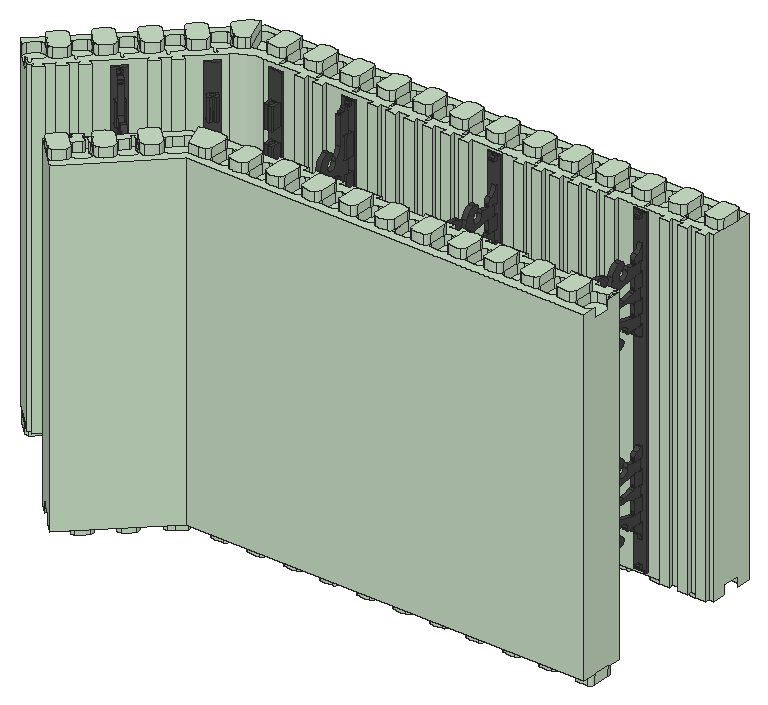
Revit family (continued)
Definition of nested family "6 inch Insert Web"
  Forms (mm)
    Extrusion 2, solid, material "Polypropylene- NUDURA"
      sketch origin (0, 0, 0) x (0, 1, 0) y (0, 0, 1)
        loop
          arc (63.5, 398.587) -> (61.744, 391.807) -> (56.918, 386.731) r 13.97
          arc (56.918, 386.731) -> (55.685, 385.301) -> (55.481, 383.425) r 3.175
          arc (55.481, 383.425) -> (44.176, 375.129) -> (45.002, 389.127) r 7.747
          arc (45.002, 389.127) -> (48.114, 396.391) -> (40.85, 399.503) r 5.588
          arc (40.85, 399.503) -> (31.859, 392.006) -> (28.999, 380.652) r 18.923
          arc (28.999, 380.652) -> (27.891, 370.113) -> (24.621, 360.032) r 50.8
          arc (24.621, 360.032) -> (11.944, 359.938) -> (16.15, 371.896) r 7.747
          arc (16.15, 371.896) -> (20.591, 377.594) -> (16.474, 383.531) r 6.096
          arc (16.474, 383.531) -> (8.351, 385.585) -> (0, 386.276) r 50.8
          arc (0, 386.276) -> (-8.351, 385.585) -> (-16.474, 383.531) r 50.8
          arc (-16.474, 383.531) -> (-20.591, 377.594) -> (-16.15, 371.896) r 6.096
          arc (-16.15, 371.896) -> (-11.944, 359.938) -> (-24.621, 360.032) r 7.747
          arc (-24.621, 360.032) -> (-27.891, 370.113) -> (-28.999, 380.652) r 50.8
          arc (-28.999, 380.652) -> (-31.859, 392.006) -> (-40.85, 399.503) r 18.923
          arc (-40.85, 399.503) -> (-48.114, 396.391) -> (-45.002, 389.127) r 5.588
          arc (-45.002, 389.127) -> (-44.176, 375.129) -> (-55.481, 383.425) r 7.747
          arc (-55.481, 383.425) -> (-55.685, 385.301) -> (-56.918, 386.731) r 3.175
          arc (-56.918, 386.731) -> (-61.744, 391.807) -> (-63.5, 398.587) r 13.97
          line (-63.5, 398.587) -> (-63.5, 437.076) -> (-66.04, 437.076) -> (-66.04, 437.865)
          arc (-66.04, 437.865) -> (-66.404, 438.744) -> (-67.283, 439.108) r 1.243
          line (-67.283, 439.108) -> (-70.513, 439.108) -> (-71.755, 442.918)
          arc (-71.755, 442.918) -> (-73.025, 443.68) -> (-74.295, 442.918) r 1.439
          line (-74.295, 442.918) -> (-76.2, 437.076) -> (-76.2, 16.896) -> (-74.295, 11.054)
          arc (-74.295, 11.054) -> (-73.025, 10.292) -> (-71.755, 11.054) r 1.439
          line (-71.755, 11.054) -> (-70.513, 14.864) -> (-67.283, 14.864)
          arc (-67.283, 14.864) -> (-66.404, 15.228) -> (-66.04, 16.107) r 1.243
          line (-66.04, 16.107) -> (-66.04, 16.896) -> (-63.5, 16.896) -> (-63.5, 55.385)
          arc (-63.5, 55.385) -> (-61.744, 62.165) -> (-56.918, 67.242) r 13.97
          arc (-56.918, 67.242) -> (-55.685, 68.671) -> (-55.481, 70.547) r 3.175
          arc (-55.481, 70.547) -> (-44.176, 78.843) -> (-45.002, 64.845) r 7.747
          arc (-45.002, 64.845) -> (-48.114, 57.581) -> (-40.85, 54.469) r 5.588
          arc (-40.85, 54.469) -> (-31.859, 61.967) -> (-28.999, 73.32) r 18.923
          arc (-28.999, 73.32) -> (-27.891, 83.859) -> (-24.621, 93.94) r 50.8
          arc (-24.621, 93.94) -> (-11.944, 94.034) -> (-16.15, 82.076) r 7.747
          arc (-16.15, 82.076) -> (-20.591, 76.378) -> (-16.474, 70.441) r 6.096
          arc (-16.474, 70.441) -> (-8.351, 68.387) -> (0, 67.696) r 50.8
          arc (0, 67.696) -> (8.351, 68.387) -> (16.474, 70.441) r 50.8
          arc (16.474, 70.441) -> (20.591, 76.378) -> (16.15, 82.076) r 6.096
          arc (16.15, 82.076) -> (11.944, 94.034) -> (24.621, 93.94) r 7.747
          arc (24.621, 93.94) -> (27.891, 83.859) -> (28.999, 73.32) r 50.8
          arc (28.999, 73.32) -> (31.859, 61.967) -> (40.85, 54.469) r 18.923
          arc (40.85, 54.469) -> (48.114, 57.581) -> (45.002, 64.845) r 5.588
          arc (45.002, 64.845) -> (44.176, 78.843) -> (55.481, 70.547) r 7.747
          arc (55.481, 70.547) -> (55.685, 68.671) -> (56.918, 67.242) r 3.175
          arc (56.918, 67.242) -> (61.744, 62.165) -> (63.5, 55.385) r 13.97
          line (63.5, 55.385) -> (63.5, 16.896) -> (66.04, 16.896) -> (66.04, 16.107)
          arc (66.04, 16.107) -> (66.404, 15.228) -> (67.283, 14.864) r 1.243
          line (67.283, 14.864) -> (70.513, 14.864) -> (71.755, 11.054)
          arc (71.755, 11.054) -> (73.025, 10.292) -> (74.295, 11.054) r 1.439
          line (74.295, 11.054) -> (76.2, 16.896) -> (76.2, 437.076)
        loop
          line (9.461, 325.824) -> (50.8, 325.824)
          arc (50.8, 325.824) -> (59.78, 329.544) -> (63.5, 338.524) r 12.7
          line (63.5, 338.524) -> (63.5, 360.069)
          arc (63.5, 360.069) -> (60.558, 365.427) -> (54.458, 365.821) r 6.35
          line (54.458, 365.821) -> (24.225, 351.671)
          arc (24.225, 351.671) -> (17.004, 348.871) -> (9.471, 347.073) r 57.15
          arc (9.471, 347.073) -> (3.777, 343.832) -> (1.524, 337.68) r 9.525
          line (1.524, 337.68) -> (1.524, 333.762)
          arc (1.524, 333.762) -> (3.849, 328.149) -> (9.461, 325.824) r 7.937
        loop
          arc (-1.524, 337.68) -> (-3.777, 343.832) -> (-9.471, 347.073) r 9.525
          arc (-9.471, 347.073) -> (-17.004, 348.871) -> (-24.225, 351.671) r 57.15
          line (-24.225, 351.671) -> (-54.458, 365.821)
          arc (-54.458, 365.821) -> (-60.558, 365.427) -> (-63.5, 360.069) r 6.35
          line (-63.5, 360.069) -> (-63.5, 338.524)
          arc (-63.5, 338.524) -> (-59.78, 329.544) -> (-50.8, 325.824) r 12.7
          line (-50.8, 325.824) -> (-9.462, 325.824)
          arc (-9.462, 325.824) -> (-3.849, 328.149) -> (-1.524, 333.762) r 7.938
          line (-1.524, 333.762) -> (-1.524, 337.68)
        loop
          line (-63.5, 308.552) -> (-63.5, 287.007)
          arc (-63.5, 287.007) -> (-60.558, 281.649) -> (-54.458, 281.256) r 6.35
          line (-54.458, 281.256) -> (-24.225, 295.405)
          arc (-24.225, 295.405) -> (-17.004, 298.205) -> (-9.471, 300.003) r 57.15
          arc (-9.471, 300.003) -> (-3.777, 303.244) -> (-1.524, 309.396) r 9.525
          line (-1.524, 309.396) -> (-1.524, 313.315)
          arc (-1.524, 313.315) -> (-3.849, 318.927) -> (-9.462, 321.252) r 7.938
          line (-9.462, 321.252) -> (-50.8, 321.252)
          arc (-50.8, 321.252) -> (-59.78, 317.532) -> (-63.5, 308.552) r 12.7
        loop
          line (1.524, 313.315) -> (1.524, 309.396)
          arc (1.524, 309.396) -> (3.777, 303.244) -> (9.471, 300.003) r 9.525
          arc (9.471, 300.003) -> (17.004, 298.205) -> (24.225, 295.405) r 57.15
          line (24.225, 295.405) -> (54.458, 281.256)
          arc (54.458, 281.256) -> (60.558, 281.649) -> (63.5, 287.007) r 6.35
          line (63.5, 287.007) -> (63.5, 308.552)
          arc (63.5, 308.552) -> (59.78, 317.532) -> (50.8, 321.252) r 12.7
          line (50.8, 321.252) -> (9.461, 321.252)
          arc (9.461, 321.252) -> (3.849, 318.927) -> (1.524, 313.315) r 7.937
        loop
          line (-63.5, 234.92) -> (-60.452, 229.84) -> (-60.452, 226.986) -> (-60.452, 224.132) -> (-63.5, 219.052) -> (-63.5, 190.074)
          arc (-63.5, 190.074) -> (-61.516, 183.258) -> (-56.183, 178.572) r 12.7
          line (-56.183, 178.572) -> (-24.225, 163.615)
          arc (-24.225, 163.615) -> (-12.408, 159.59) -> (0, 158.227) r 57.15
          arc (0, 158.227) -> (12.408, 159.59) -> (24.225, 163.615) r 57.15
          line (24.225, 163.615) -> (56.183, 178.572)
          arc (56.183, 178.572) -> (61.516, 183.258) -> (63.5, 190.074) r 12.7
          line (63.5, 190.074) -> (63.5, 219.052) -> (60.452, 224.132) -> (60.452, 226.986) -> (60.452, 229.84) -> (63.5, 234.92) -> (63.5, 263.898)
          arc (63.5, 263.898) -> (61.516, 270.714) -> (56.183, 275.4) r 12.7
          line (56.183, 275.4) -> (24.225, 290.357)
          arc (24.225, 290.357) -> (12.408, 294.382) -> (0, 295.745) r 57.15
          arc (0, 295.745) -> (-12.408, 294.382) -> (-24.225, 290.357) r 57.15
          line (-24.225, 290.357) -> (-56.183, 275.4)
          arc (-56.183, 275.4) -> (-61.516, 270.714) -> (-63.5, 263.898) r 12.7
          line (-63.5, 263.898) -> (-63.5, 234.92)
        loop
          line (-63.5, 166.965) -> (-63.5, 145.42)
          arc (-63.5, 145.42) -> (-59.78, 136.44) -> (-50.8, 132.72) r 12.7
          line (-50.8, 132.72) -> (-9.462, 132.72)
          arc (-9.462, 132.72) -> (-3.849, 135.045) -> (-1.524, 140.657) r 7.938
          line (-1.524, 140.657) -> (-1.524, 144.576)
          arc (-1.524, 144.576) -> (-3.777, 150.728) -> (-9.471, 153.969) r 9.525
          arc (-9.471, 153.969) -> (-17.004, 155.767) -> (-24.225, 158.567) r 57.15
          line (-24.225, 158.567) -> (-54.458, 172.716)
          arc (-54.458, 172.716) -> (-60.558, 172.323) -> (-63.5, 166.965) r 6.35
        loop
          line (9.461, 132.72) -> (50.8, 132.72)
          arc (50.8, 132.72) -> (59.78, 136.44) -> (63.5, 145.42) r 12.7
          line (63.5, 145.42) -> (63.5, 166.965)
          arc (63.5, 166.965) -> (60.558, 172.323) -> (54.458, 172.716) r 6.35
          line (54.458, 172.716) -> (24.225, 158.567)
          arc (24.225, 158.567) -> (17.004, 155.767) -> (9.471, 153.969) r 57.15
          arc (9.471, 153.969) -> (3.777, 150.728) -> (1.524, 144.576) r 9.525
          line (1.524, 144.576) -> (1.524, 140.657)
          arc (1.524, 140.657) -> (3.849, 135.045) -> (9.461, 132.72) r 7.937
        loop
          line (1.524, 120.21) -> (1.524, 116.292)
          arc (1.524, 116.292) -> (3.777, 110.14) -> (9.471, 106.899) r 9.525
          arc (9.471, 106.899) -> (17.004, 105.101) -> (24.225, 102.301) r 57.15
          line (24.225, 102.301) -> (54.458, 88.151)
          arc (54.458, 88.151) -> (60.558, 88.545) -> (63.5, 93.903) r 6.35
          line (63.5, 93.903) -> (63.5, 115.448)
          arc (63.5, 115.448) -> (59.78, 124.428) -> (50.8, 128.148) r 12.7
          line (50.8, 128.148) -> (9.461, 128.148)
          arc (9.461, 128.148) -> (3.849, 125.823) -> (1.524, 120.21) r 7.937
        loop
          line (-1.524, 116.292) -> (-1.524, 120.21)
          arc (-1.524, 120.21) -> (-3.849, 125.823) -> (-9.462, 128.148) r 7.938
          line (-9.462, 128.148) -> (-50.8, 128.148)
          arc (-50.8, 128.148) -> (-59.78, 124.428) -> (-63.5, 115.448) r 12.7
          line (-63.5, 115.448) -> (-63.5, 93.903)
          arc (-63.5, 93.903) -> (-60.558, 88.545) -> (-54.458, 88.151) r 6.35
          line (-54.458, 88.151) -> (-24.225, 102.301)
          arc (-24.225, 102.301) -> (-17.004, 105.101) -> (-9.471, 106.899) r 57.15
          arc (-9.471, 106.899) -> (-3.777, 110.14) -> (-1.524, 116.292) r 9.525
      from 3.175 to -3.175
    Extrusion 3, solid, material "High Density Polystyrene- NUDURA"
      sketch origin (0, 0, 0) x (0, 1, 0) y (0, 0, 1)
        loop
          line (81.534, 410.919) -> (68.834, 410.919) -> (68.834, 380.439) -> (81.534, 380.439) -> (81.534, 410.919)
        loop
          line (81.534, 361.389) -> (68.834, 361.389) -> (68.834, 330.909) -> (81.534, 330.909) -> (81.534, 361.389)
        loop
          line (81.534, 311.859) -> (68.834, 311.859) -> (68.834, 281.379) -> (81.534, 281.379) -> (81.534, 311.859)
        loop
          line (81.534, 262.329) -> (68.834, 262.329) -> (68.834, 234.897) -> (81.534, 234.897) -> (81.534, 262.329)
        loop
          line (81.534, 215.847) -> (68.834, 215.847) -> (68.834, 188.415) -> (81.534, 188.415) -> (81.534, 215.847)
        loop
          line (81.534, 169.365) -> (68.834, 169.365) -> (68.834, 138.885) -> (81.534, 138.885) -> (81.534, 169.365)
        loop
          line (81.534, 119.835) -> (68.834, 119.835) -> (68.834, 89.355) -> (81.534, 89.355) -> (81.534, 119.835)
        loop
          line (81.534, 70.305) -> (68.834, 70.305) -> (68.834, 39.825) -> (81.534, 39.825) -> (81.534, 70.305)
        loop
          line (-81.534, 410.919) -> (-81.534, 380.439) -> (-68.834, 380.439) -> (-68.834, 410.919) -> (-81.534, 410.919)
        loop
          line (-81.534, 361.389) -> (-81.534, 330.909) -> (-68.834, 330.909) -> (-68.834, 361.389) -> (-81.534, 361.389)
        loop
          line (-81.534, 311.859) -> (-81.534, 281.379) -> (-68.834, 281.379) -> (-68.834, 311.859) -> (-81.534, 311.859)
        loop
          line (-81.534, 262.329) -> (-81.534, 234.897) -> (-68.834, 234.897) -> (-68.834, 262.329) -> (-81.534, 262.329)
        loop
          line (-81.534, 215.847) -> (-81.534, 188.415) -> (-68.834, 188.415) -> (-68.834, 215.847) -> (-81.534, 215.847)
        loop
          line (-81.534, 169.365) -> (-81.534, 138.885) -> (-68.834, 138.885) -> (-68.834, 169.365) -> (-81.534, 169.365)
        loop
          line (-81.534, 119.835) -> (-81.534, 89.355) -> (-68.834, 89.355) -> (-68.834, 119.835) -> (-81.534, 119.835)
        loop
          line (-81.534, 70.305) -> (-81.534, 39.825) -> (-68.834, 39.825) -> (-68.834, 70.305) -> (-81.534, 70.305)
      from 6.35 to -6.35
    Extrusion 4, void
      sketch origin (0, 0, 0) x (1, 0, 0) y (0, 1, 0)
        loop
          line (-6.35, 70.929) -> (-6.35, 68.834) -> (-4.255, 68.834)
          arc (-4.255, 68.834) -> (-5.736, 69.448) -> (-6.35, 70.929) r 2.095
      from 0 to 457.2
    Extrusion 5, void
      sketch origin (0, 0, 0) x (-1, 0, 0) y (0, -1, 0)
        loop
          arc (-6.35, -70.929) -> (-5.736, -69.448) -> (-4.255, -68.834) r 2.095
          line (-4.255, -68.834) -> (-6.35, -68.834) -> (-6.35, -70.929)
      from 0 to 457.2
    Extrusion 6, void
      sketch origin (0, 0, 0) x (1, 0, 0) y (0, 1, 0)
        loop
          arc (-6.35, -70.929) -> (-5.736, -69.448) -> (-4.255, -68.834) r 2.095
          line (-4.255, -68.834) -> (-6.35, -68.834) -> (-6.35, -70.929)
      from 0 to 457.2
    Extrusion 7, void
      sketch origin (0, 0, 0) x (-1, 0, 0) y (0, -1, 0)
        loop
          line (-6.35, 70.929) -> (-6.35, 68.834) -> (-4.255, 68.834)
          arc (-4.255, 68.834) -> (-5.736, 69.448) -> (-6.35, 70.929) r 2.095
      from 0 to 457.2
  Cuts and joins
    Extrusion 4, Extrusion 5, Extrusion 6, Extrusion 7 cuts Extrusion 1
    Extrusion 4, Extrusion 5, Extrusion 6, Extrusion 7 cuts Extrusion 3
Definition of nested family "NUDURA Diamond Pattern"
  Reference planes
    plane 1 "Center (Front/Back)": y = 0
    plane 2: z = 0
    plane 3 "Center (Left/Right)": x = 0
    plane 4: z = 457.2
  Lines and regions (mm)
    model lines
      curve 1: line (203.2, -142.875, 457.2) -> (203.2, -142.875, 0)
      curve 2: line (152.4, -142.875, 457.2) -> (152.4, -142.875, 0)
      curve 3: line (50.8, -142.875, 457.2) -> (50.8, -142.875, 0)
      curve 4: line (85.183, -142.875, 431.415) -> (93.906, -142.875, 422.692)
      curve 5: arc (85.183, -142.875, 444.885) -> (82.394, -142.875, 438.15) -> (85.183, -142.875, 431.415) r 9.525
      curve 6: line (94.708, -142.875, 454.41) -> (85.183, -142.875, 444.885)
      curve 7: arc (108.179, -142.875, 454.41) -> (101.444, -142.875, 457.2) -> (94.708, -142.875, 454.41) r 9.525
      curve 8: line (117.704, -142.875, 444.885) -> (108.179, -142.875, 454.41)
      curve 9: arc (117.704, -142.875, 431.415) -> (120.494, -142.875, 438.15) -> (117.704, -142.875, 444.885) r 9.525
      curve 10: line (108.981, -142.875, 422.692) -> (117.704, -142.875, 431.415)
      curve 11: arc (105.934, -142.875, 452.165) -> (101.444, -142.875, 454.025) -> (96.953, -142.875, 452.165) r 6.35
      curve 12: line (115.459, -142.875, 442.64) -> (105.934, -142.875, 452.165)
      curve 13: arc (115.459, -142.875, 433.66) -> (117.319, -142.875, 438.15) -> (115.459, -142.875, 442.64) r 6.35
      curve 14: line (105.934, -142.875, 424.135) -> (115.459, -142.875, 433.66)
      curve 15: arc (96.953, -142.875, 424.135) -> (101.444, -142.875, 422.275) -> (105.934, -142.875, 424.135) r 6.35
      curve 16: line (87.428, -142.875, 433.66) -> (96.953, -142.875, 424.135)
      curve 17: arc (87.428, -142.875, 442.64) -> (85.569, -142.875, 438.15) -> (87.428, -142.875, 433.66) r 6.35
      curve 18: line (96.953, -142.875, 452.165) -> (87.428, -142.875, 442.64)
      curve 19: arc (93.906, -142.875, 415.508) -> (95.394, -142.875, 419.1) -> (93.906, -142.875, 422.692) r 5.08
      curve 20: line (117.704, -142.875, 406.785) -> (108.981, -142.875, 415.508)
      curve 21: arc (117.704, -142.875, 393.315) -> (120.494, -142.875, 400.05) -> (117.704, -142.875, 406.785) r 9.525
      curve 22: line (108.981, -142.875, 384.592) -> (117.704, -142.875, 393.315)
      curve 23: line (85.183, -142.875, 393.315) -> (93.906, -142.875, 384.592)
      curve 24: arc (85.183, -142.875, 406.785) -> (82.394, -142.875, 400.05) -> (85.183, -142.875, 393.315) r 9.525
      curve 25: line (93.906, -142.875, 415.508) -> (85.183, -142.875, 406.785)
      curve 26: arc (105.934, -142.875, 414.065) -> (101.444, -142.875, 415.925) -> (96.953, -142.875, 414.065) r 6.35
      curve 27: line (96.953, -142.875, 414.065) -> (87.428, -142.875, 404.54)
      curve 28: arc (87.428, -142.875, 404.54) -> (85.569, -142.875, 400.05) -> (87.428, -142.875, 395.56) r 6.35
      curve 29: line (87.428, -142.875, 395.56) -> (96.953, -142.875, 386.035)
      curve 30: arc (96.953, -142.875, 386.035) -> (101.444, -142.875, 384.175) -> (105.934, -142.875, 386.035) r 6.35
      curve 31: line (105.934, -142.875, 386.035) -> (115.459, -142.875, 395.56)
      curve 32: arc (115.459, -142.875, 395.56) -> (117.319, -142.875, 400.05) -> (115.459, -142.875, 404.54) r 6.35
      curve 33: line (115.459, -142.875, 404.54) -> (105.934, -142.875, 414.065)
      curve 34: arc (93.906, -142.875, 377.408) -> (95.394, -142.875, 381) -> (93.906, -142.875, 384.592) r 5.08
      curve 35: line (117.704, -142.875, 368.685) -> (108.981, -142.875, 377.408)
      curve 36: arc (117.704, -142.875, 355.215) -> (120.494, -142.875, 361.95) -> (117.704, -142.875, 368.685) r 9.525
      curve 37: line (108.981, -142.875, 346.492) -> (117.704, -142.875, 355.215)
      curve 38: line (85.183, -142.875, 355.215) -> (93.906, -142.875, 346.492)
      curve 39: arc (85.183, -142.875, 368.685) -> (82.394, -142.875, 361.95) -> (85.183, -142.875, 355.215) r 9.525
      curve 40: line (93.906, -142.875, 377.408) -> (85.183, -142.875, 368.685)
      curve 41: arc (105.934, -142.875, 375.965) -> (101.444, -142.875, 377.825) -> (96.953, -142.875, 375.965) r 6.35
      curve 42: line (96.953, -142.875, 375.965) -> (87.428, -142.875, 366.44)
      curve 43: arc (87.428, -142.875, 366.44) -> (85.569, -142.875, 361.95) -> (87.428, -142.875, 357.46) r 6.35
      curve 44: line (87.428, -142.875, 357.46) -> (96.953, -142.875, 347.935)
      curve 45: arc (96.953, -142.875, 347.935) -> (101.444, -142.875, 346.075) -> (105.934, -142.875, 347.935) r 6.35
      curve 46: line (105.934, -142.875, 347.935) -> (115.459, -142.875, 357.46)
      curve 47: arc (115.459, -142.875, 357.46) -> (117.319, -142.875, 361.95) -> (115.459, -142.875, 366.44) r 6.35
      curve 48: line (115.459, -142.875, 366.44) -> (105.934, -142.875, 375.965)
      curve 49: arc (93.906, -142.875, 339.308) -> (95.394, -142.875, 342.9) -> (93.906, -142.875, 346.492) r 5.08
      curve 50: line (117.704, -142.875, 330.585) -> (108.981, -142.875, 339.308)
      curve 51: arc (117.704, -142.875, 317.115) -> (120.494, -142.875, 323.85) -> (117.704, -142.875, 330.585) r 9.525
      curve 52: line (108.981, -142.875, 308.392) -> (117.704, -142.875, 317.115)
      curve 53: line (85.183, -142.875, 317.115) -> (93.906, -142.875, 308.392)
      curve 54: arc (85.183, -142.875, 330.585) -> (82.394, -142.875, 323.85) -> (85.183, -142.875, 317.115) r 9.525
      curve 55: line (93.906, -142.875, 339.308) -> (85.183, -142.875, 330.585)
      curve 56: arc (105.934, -142.875, 337.865) -> (101.444, -142.875, 339.725) -> (96.953, -142.875, 337.865) r 6.35
      curve 57: line (96.953, -142.875, 337.865) -> (87.428, -142.875, 328.34)
      curve 58: arc (87.428, -142.875, 328.34) -> (85.569, -142.875, 323.85) -> (87.428, -142.875, 319.36) r 6.35
      curve 59: line (87.428, -142.875, 319.36) -> (96.953, -142.875, 309.835)
      curve 60: arc (96.953, -142.875, 309.835) -> (101.444, -142.875, 307.975) -> (105.934, -142.875, 309.835) r 6.35
      curve 61: line (105.934, -142.875, 309.835) -> (115.459, -142.875, 319.36)
      curve 62: arc (115.459, -142.875, 319.36) -> (117.319, -142.875, 323.85) -> (115.459, -142.875, 328.34) r 6.35
      curve 63: line (115.459, -142.875, 328.34) -> (105.934, -142.875, 337.865)
      curve 64: arc (93.906, -142.875, 301.208) -> (95.394, -142.875, 304.8) -> (93.906, -142.875, 308.392) r 5.08
      curve 65: line (117.704, -142.875, 292.485) -> (108.981, -142.875, 301.208)
      curve 66: arc (117.704, -142.875, 279.015) -> (120.494, -142.875, 285.75) -> (117.704, -142.875, 292.485) r 9.525
      curve 67: line (108.981, -142.875, 270.292) -> (117.704, -142.875, 279.015)
      curve 68: line (85.183, -142.875, 279.015) -> (93.906, -142.875, 270.292)
      curve 69: arc (85.183, -142.875, 292.485) -> (82.394, -142.875, 285.75) -> (85.183, -142.875, 279.015) r 9.525
      curve 70: line (93.906, -142.875, 301.208) -> (85.183, -142.875, 292.485)
      curve 71: arc (105.934, -142.875, 299.765) -> (101.444, -142.875, 301.625) -> (96.953, -142.875, 299.765) r 6.35
      curve 72: line (96.953, -142.875, 299.765) -> (87.428, -142.875, 290.24)
      curve 73: arc (87.428, -142.875, 290.24) -> (85.569, -142.875, 285.75) -> (87.428, -142.875, 281.26) r 6.35
      curve 74: line (87.428, -142.875, 281.26) -> (96.953, -142.875, 271.735)
      curve 75: arc (96.953, -142.875, 271.735) -> (101.444, -142.875, 269.875) -> (105.934, -142.875, 271.735) r 6.35
      curve 76: line (105.934, -142.875, 271.735) -> (115.459, -142.875, 281.26)
      curve 77: arc (115.459, -142.875, 281.26) -> (117.319, -142.875, 285.75) -> (115.459, -142.875, 290.24) r 6.35
      curve 78: line (115.459, -142.875, 290.24) -> (105.934, -142.875, 299.765)
      curve 79: arc (93.906, -142.875, 263.108) -> (95.394, -142.875, 266.7) -> (93.906, -142.875, 270.292) r 5.08
      curve 80: line (117.704, -142.875, 254.385) -> (108.981, -142.875, 263.108)
      curve 81: arc (117.704, -142.875, 240.915) -> (120.494, -142.875, 247.65) -> (117.704, -142.875, 254.385) r 9.525
      curve 82: line (108.981, -142.875, 232.192) -> (117.704, -142.875, 240.915)
      curve 83: line (85.183, -142.875, 240.915) -> (93.906, -142.875, 232.192)
      curve 84: arc (85.183, -142.875, 254.385) -> (82.394, -142.875, 247.65) -> (85.183, -142.875, 240.915) r 9.525
      curve 85: line (93.906, -142.875, 263.108) -> (85.183, -142.875, 254.385)
      curve 86: arc (105.934, -142.875, 261.665) -> (101.444, -142.875, 263.525) -> (96.953, -142.875, 261.665) r 6.35
      curve 87: line (96.953, -142.875, 261.665) -> (87.428, -142.875, 252.14)
      curve 88: arc (87.428, -142.875, 252.14) -> (85.569, -142.875, 247.65) -> (87.428, -142.875, 243.16) r 6.35
      curve 89: line (87.428, -142.875, 243.16) -> (96.953, -142.875, 233.635)
      curve 90: arc (96.953, -142.875, 233.635) -> (101.444, -142.875, 231.775) -> (105.934, -142.875, 233.635) r 6.35
      curve 91: line (105.934, -142.875, 233.635) -> (115.459, -142.875, 243.16)
      curve 92: arc (115.459, -142.875, 243.16) -> (117.319, -142.875, 247.65) -> (115.459, -142.875, 252.14) r 6.35
      curve 93: line (115.459, -142.875, 252.14) -> (105.934, -142.875, 261.665)
      curve 94: arc (93.906, -142.875, 225.008) -> (95.394, -142.875, 228.6) -> (93.906, -142.875, 232.192) r 5.08
      curve 95: line (117.704, -142.875, 216.285) -> (108.981, -142.875, 225.008)
      curve 96: arc (117.704, -142.875, 202.815) -> (120.494, -142.875, 209.55) -> (117.704, -142.875, 216.285) r 9.525
      curve 97: line (108.981, -142.875, 194.092) -> (117.704, -142.875, 202.815)
      curve 98: line (85.183, -142.875, 202.815) -> (93.906, -142.875, 194.092)
      curve 99: arc (85.183, -142.875, 216.285) -> (82.394, -142.875, 209.55) -> (85.183, -142.875, 202.815) r 9.525
      curve 100: line (93.906, -142.875, 225.008) -> (85.183, -142.875, 216.285)
      curve 101: arc (105.934, -142.875, 223.565) -> (101.444, -142.875, 225.425) -> (96.953, -142.875, 223.565) r 6.35
      curve 102: line (96.953, -142.875, 223.565) -> (87.428, -142.875, 214.04)
      curve 103: arc (87.428, -142.875, 214.04) -> (85.569, -142.875, 209.55) -> (87.428, -142.875, 205.06) r 6.35
      curve 104: line (87.428, -142.875, 205.06) -> (96.953, -142.875, 195.535)
      curve 105: arc (96.953, -142.875, 195.535) -> (101.444, -142.875, 193.675) -> (105.934, -142.875, 195.535) r 6.35
      curve 106: line (105.934, -142.875, 195.535) -> (115.459, -142.875, 205.06)
      curve 107: arc (115.459, -142.875, 205.06) -> (117.319, -142.875, 209.55) -> (115.459, -142.875, 214.04) r 6.35
      curve 108: line (115.459, -142.875, 214.04) -> (105.934, -142.875, 223.565)
      curve 109: arc (93.906, -142.875, 186.908) -> (95.394, -142.875, 190.5) -> (93.906, -142.875, 194.092) r 5.08
      curve 110: line (117.704, -142.875, 178.185) -> (108.981, -142.875, 186.908)
      curve 111: arc (117.704, -142.875, 164.715) -> (120.494, -142.875, 171.45) -> (117.704, -142.875, 178.185) r 9.525
      curve 112: line (108.981, -142.875, 155.992) -> (117.704, -142.875, 164.715)
      curve 113: line (85.183, -142.875, 164.715) -> (93.906, -142.875, 155.992)
      curve 114: arc (85.183, -142.875, 178.185) -> (82.394, -142.875, 171.45) -> (85.183, -142.875, 164.715) r 9.525
      curve 115: line (93.906, -142.875, 186.908) -> (85.183, -142.875, 178.185)
      curve 116: arc (105.934, -142.875, 185.465) -> (101.444, -142.875, 187.325) -> (96.953, -142.875, 185.465) r 6.35
      curve 117: line (96.953, -142.875, 185.465) -> (87.428, -142.875, 175.94)
      curve 118: arc (87.428, -142.875, 175.94) -> (85.569, -142.875, 171.45) -> (87.428, -142.875, 166.96) r 6.35
      curve 119: line (87.428, -142.875, 166.96) -> (96.953, -142.875, 157.435)
      curve 120: arc (96.953, -142.875, 157.435) -> (101.444, -142.875, 155.575) -> (105.934, -142.875, 157.435) r 6.35
      curve 121: line (105.934, -142.875, 157.435) -> (115.459, -142.875, 166.96)
      curve 122: arc (115.459, -142.875, 166.96) -> (117.319, -142.875, 171.45) -> (115.459, -142.875, 175.94) r 6.35
      curve 123: line (115.459, -142.875, 175.94) -> (105.934, -142.875, 185.465)
      curve 124: arc (93.906, -142.875, 148.808) -> (95.394, -142.875, 152.4) -> (93.906, -142.875, 155.992) r 5.08
      curve 125: line (117.704, -142.875, 140.085) -> (108.981, -142.875, 148.808)
      curve 126: arc (117.704, -142.875, 126.615) -> (120.494, -142.875, 133.35) -> (117.704, -142.875, 140.085) r 9.525
      curve 127: line (108.981, -142.875, 117.892) -> (117.704, -142.875, 126.615)
      curve 128: line (85.183, -142.875, 126.615) -> (93.906, -142.875, 117.892)
      curve 129: arc (85.183, -142.875, 140.085) -> (82.394, -142.875, 133.35) -> (85.183, -142.875, 126.615) r 9.525
      curve 130: line (93.906, -142.875, 148.808) -> (85.183, -142.875, 140.085)
      curve 131: arc (105.934, -142.875, 147.365) -> (101.444, -142.875, 149.225) -> (96.953, -142.875, 147.365) r 6.35
      curve 132: line (96.953, -142.875, 147.365) -> (87.428, -142.875, 137.84)
      curve 133: arc (87.428, -142.875, 137.84) -> (85.569, -142.875, 133.35) -> (87.428, -142.875, 128.86) r 6.35
      curve 134: line (87.428, -142.875, 128.86) -> (96.953, -142.875, 119.335)
      curve 135: arc (96.953, -142.875, 119.335) -> (101.444, -142.875, 117.475) -> (105.934, -142.875, 119.335) r 6.35
      curve 136: line (105.934, -142.875, 119.335) -> (115.459, -142.875, 128.86)
      curve 137: arc (115.459, -142.875, 128.86) -> (117.319, -142.875, 133.35) -> (115.459, -142.875, 137.84) r 6.35
      curve 138: line (115.459, -142.875, 137.84) -> (105.934, -142.875, 147.365)
      curve 139: arc (93.906, -142.875, 110.708) -> (95.394, -142.875, 114.3) -> (93.906, -142.875, 117.892) r 5.08
      curve 140: line (117.704, -142.875, 101.985) -> (108.981, -142.875, 110.708)
      curve 141: arc (117.704, -142.875, 88.515) -> (120.494, -142.875, 95.25) -> (117.704, -142.875, 101.985) r 9.525
      curve 142: line (108.981, -142.875, 79.792) -> (117.704, -142.875, 88.515)
      curve 143: line (85.183, -142.875, 88.515) -> (93.906, -142.875, 79.792)
      curve 144: arc (85.183, -142.875, 101.985) -> (82.394, -142.875, 95.25) -> (85.183, -142.875, 88.515) r 9.525
      curve 145: line (93.906, -142.875, 110.708) -> (85.183, -142.875, 101.985)
      curve 146: arc (105.934, -142.875, 109.265) -> (101.444, -142.875, 111.125) -> (96.953, -142.875, 109.265) r 6.35
      curve 147: line (96.953, -142.875, 109.265) -> (87.428, -142.875, 99.74)
      curve 148: arc (87.428, -142.875, 99.74) -> (85.569, -142.875, 95.25) -> (87.428, -142.875, 90.76) r 6.35
      curve 149: line (87.428, -142.875, 90.76) -> (96.953, -142.875, 81.235)
      curve 150: arc (96.953, -142.875, 81.235) -> (101.444, -142.875, 79.375) -> (105.934, -142.875, 81.235) r 6.35
      curve 151: line (105.934, -142.875, 81.235) -> (115.459, -142.875, 90.76)
      curve 152: arc (115.459, -142.875, 90.76) -> (117.319, -142.875, 95.25) -> (115.459, -142.875, 99.74) r 6.35
      curve 153: line (115.459, -142.875, 99.74) -> (105.934, -142.875, 109.265)
      curve 154: arc (93.906, -142.875, 72.608) -> (95.394, -142.875, 76.2) -> (93.906, -142.875, 79.792) r 5.08
      curve 155: line (117.704, -142.875, 63.885) -> (108.981, -142.875, 72.608)
      curve 156: arc (117.704, -142.875, 50.415) -> (120.494, -142.875, 57.15) -> (117.704, -142.875, 63.885) r 9.525
      curve 157: line (108.981, -142.875, 41.692) -> (117.704, -142.875, 50.415)
      curve 158: line (85.183, -142.875, 50.415) -> (93.906, -142.875, 41.692)
      curve 159: arc (85.183, -142.875, 63.885) -> (82.394, -142.875, 57.15) -> (85.183, -142.875, 50.415) r 9.525
      curve 160: line (93.906, -142.875, 72.608) -> (85.183, -142.875, 63.885)
      curve 161: arc (105.934, -142.875, 71.165) -> (101.444, -142.875, 73.025) -> (96.953, -142.875, 71.165) r 6.35
      curve 162: line (96.953, -142.875, 71.165) -> (87.428, -142.875, 61.64)
      curve 163: arc (87.428, -142.875, 61.64) -> (85.569, -142.875, 57.15) -> (87.428, -142.875, 52.66) r 6.35
      curve 164: line (87.428, -142.875, 52.66) -> (96.953, -142.875, 43.135)
      curve 165: arc (96.953, -142.875, 43.135) -> (101.444, -142.875, 41.275) -> (105.934, -142.875, 43.135) r 6.35
      curve 166: line (105.934, -142.875, 43.135) -> (115.459, -142.875, 52.66)
      curve 167: arc (115.459, -142.875, 52.66) -> (117.319, -142.875, 57.15) -> (115.459, -142.875, 61.64) r 6.35
      curve 168: line (115.459, -142.875, 61.64) -> (105.934, -142.875, 71.165)
      curve 169: arc (93.906, -142.875, 34.508) -> (95.394, -142.875, 38.1) -> (93.906, -142.875, 41.692) r 5.08
      curve 170: line (93.906, -142.875, 34.508) -> (85.183, -142.875, 25.785)
      curve 171: arc (85.183, -142.875, 25.785) -> (82.394, -142.875, 19.05) -> (85.183, -142.875, 12.315) r 9.525
      curve 172: line (85.183, -142.875, 12.315) -> (94.708, -142.875, 2.79)
      curve 173: arc (94.708, -142.875, 2.79) -> (101.444, -142.875, 0) -> (108.179, -142.875, 2.79) r 9.525
      curve 174: line (108.179, -142.875, 2.79) -> (117.704, -142.875, 12.315)
      curve 175: arc (117.704, -142.875, 12.315) -> (120.494, -142.875, 19.05) -> (117.704, -142.875, 25.785) r 9.525
      curve 176: line (117.704, -142.875, 25.785) -> (108.981, -142.875, 34.508)
      curve 177: arc (108.981, -142.875, 41.692) -> (107.493, -142.875, 38.1) -> (108.981, -142.875, 34.508) r 5.08
      curve 178: arc (105.934, -142.875, 33.065) -> (101.444, -142.875, 34.925) -> (96.953, -142.875, 33.065) r 6.35
      curve 179: line (115.459, -142.875, 23.54) -> (105.934, -142.875, 33.065)
      curve 180: arc (115.459, -142.875, 14.56) -> (117.319, -142.875, 19.05) -> (115.459, -142.875, 23.54) r 6.35
      curve 181: line (105.934, -142.875, 5.035) -> (115.459, -142.875, 14.56)
      curve 182: arc (96.953, -142.875, 5.035) -> (101.444, -142.875, 3.175) -> (105.934, -142.875, 5.035) r 6.35
      curve 183: line (87.428, -142.875, 14.56) -> (96.953, -142.875, 5.035)
      curve 184: arc (87.428, -142.875, 23.54) -> (85.569, -142.875, 19.05) -> (87.428, -142.875, 14.56) r 6.35
      curve 185: line (96.953, -142.875, 33.065) -> (87.428, -142.875, 23.54)
      curve 186: arc (108.981, -142.875, 79.792) -> (107.493, -142.875, 76.2) -> (108.981, -142.875, 72.608) r 5.08
      curve 187: arc (108.981, -142.875, 117.892) -> (107.493, -142.875, 114.3) -> (108.981, -142.875, 110.708) r 5.08
      curve 188: arc (108.981, -142.875, 155.992) -> (107.493, -142.875, 152.4) -> (108.981, -142.875, 148.808) r 5.08
      curve 189: arc (108.981, -142.875, 194.092) -> (107.493, -142.875, 190.5) -> (108.981, -142.875, 186.908) r 5.08
      curve 190: arc (108.981, -142.875, 232.192) -> (107.493, -142.875, 228.6) -> (108.981, -142.875, 225.008) r 5.08
      curve 191: arc (108.981, -142.875, 270.292) -> (107.493, -142.875, 266.7) -> (108.981, -142.875, 263.108) r 5.08
      curve 192: arc (108.981, -142.875, 308.392) -> (107.493, -142.875, 304.8) -> (108.981, -142.875, 301.208) r 5.08
      curve 193: arc (108.981, -142.875, 346.492) -> (107.493, -142.875, 342.9) -> (108.981, -142.875, 339.308) r 5.08
      curve 194: arc (108.981, -142.875, 384.592) -> (107.493, -142.875, 381) -> (108.981, -142.875, 377.408) r 5.08
      curve 195: arc (108.981, -142.875, 422.692) -> (107.493, -142.875, 419.1) -> (108.981, -142.875, 415.508) r 5.08
Definition of nested family "NUDURA Logo Diamond"
  Reference planes
    plane 1 "Center (Front/Back)": y = 0
    plane 2: z = 0
    plane 3 "Center (Left/Right)": x = 0
  Lines and regions (mm)
    model lines
      curve 1: line (320.001, 0, 444.526) -> (311.021, 0, 453.507)
      curve 2: line (313.973, 0, 425.925) -> (320.001, 0, 431.954)
      curve 3: line (320.001, 0, 406.426) -> (313.973, 0, 412.455)
      curve 4: line (313.973, 0, 387.825) -> (320.001, 0, 393.854)
      curve 5: line (320.001, 0, 368.326) -> (313.973, 0, 374.355)
      curve 6: line (313.973, 0, 349.725) -> (320.001, 0, 355.754)
      curve 7: line (309.225, 0, 337.411) -> (322.887, 0, 323.749)
      curve 8: line (322.887, 0, 323.749) -> (324.683, 0, 325.545)
      curve 9: line (286.583, 0, 323.749) -> (300.245, 0, 337.411)
      curve 10: line (295.497, 0, 336.255) -> (284.787, 0, 325.545)
      curve 11: line (289.468, 0, 355.754) -> (295.497, 0, 349.725)
      curve 12: line (295.497, 0, 374.355) -> (289.468, 0, 368.326)
      curve 13: line (289.468, 0, 393.854) -> (295.497, 0, 387.825)
      curve 14: line (295.497, 0, 412.455) -> (289.468, 0, 406.426)
      curve 15: line (289.468, 0, 431.954) -> (295.497, 0, 425.925)
      curve 16: line (298.449, 0, 453.507) -> (289.468, 0, 444.526)
      curve 17: line (300.245, 0, 451.711) -> (291.265, 0, 442.73)
      curve 18: line (318.205, 0, 442.73) -> (309.225, 0, 451.711)
      curve 19: line (309.225, 0, 424.77) -> (318.205, 0, 433.75)
      curve 20: line (291.265, 0, 433.75) -> (300.245, 0, 424.77)
      curve 21: arc (289.468, 0, 444.526) -> (286.865, 0, 438.24) -> (289.468, 0, 431.954) r 8.89
      curve 22: arc (298.449, 0, 453.507) -> (304.735, 0, 456.111) -> (311.021, 0, 453.507) r 8.89
      curve 23: arc (291.265, 0, 442.73) -> (289.405, 0, 438.24) -> (291.265, 0, 433.75) r 6.35
      curve 24: arc (318.205, 0, 442.73) -> (320.065, 0, 438.24) -> (318.205, 0, 433.75) r 6.35
      curve 25: arc (309.225, 0, 424.77) -> (304.735, 0, 422.91) -> (300.245, 0, 424.77) r 6.35
      curve 26: arc (300.245, 0, 451.711) -> (304.735, 0, 453.571) -> (309.225, 0, 451.711) r 6.35
      curve 27: arc (320.001, 0, 444.526) -> (322.605, 0, 438.24) -> (320.001, 0, 431.954) r 8.89
      curve 28: arc (295.497, 0, 425.925) -> (298.287, 0, 419.19) -> (295.497, 0, 412.455) r 9.525
      curve 29: arc (313.973, 0, 425.925) -> (311.183, 0, 419.19) -> (313.973, 0, 412.455) r 9.525
      curve 30: line (313.973, 0, 387.825) -> (320.001, 0, 393.854)
      curve 31: line (289.468, 0, 393.854) -> (295.497, 0, 387.825)
      curve 32: line (300.245, 0, 413.611) -> (291.265, 0, 404.63)
      curve 33: line (318.205, 0, 404.63) -> (309.225, 0, 413.611)
      curve 34: line (309.225, 0, 386.67) -> (318.205, 0, 395.65)
      curve 35: line (291.265, 0, 395.65) -> (300.245, 0, 386.67)
      curve 36: arc (289.468, 0, 406.426) -> (286.865, 0, 400.14) -> (289.468, 0, 393.854) r 8.89
      curve 37: arc (291.265, 0, 404.63) -> (289.405, 0, 400.14) -> (291.265, 0, 395.65) r 6.35
      curve 38: arc (318.205, 0, 404.63) -> (320.065, 0, 400.14) -> (318.205, 0, 395.65) r 6.35
      curve 39: arc (309.225, 0, 386.67) -> (304.735, 0, 384.81) -> (300.245, 0, 386.67) r 6.35
      curve 40: arc (300.245, 0, 413.611) -> (304.735, 0, 415.471) -> (309.225, 0, 413.611) r 6.35
      curve 41: arc (320.001, 0, 406.426) -> (322.605, 0, 400.14) -> (320.001, 0, 393.854) r 8.89
      curve 42: line (295.497, 0, 412.455) -> (289.468, 0, 406.426)
      curve 43: line (320.001, 0, 406.426) -> (313.973, 0, 412.455)
      curve 44: arc (295.497, 0, 387.825) -> (298.287, 0, 381.09) -> (295.497, 0, 374.355) r 9.525
      curve 45: arc (313.973, 0, 387.825) -> (311.183, 0, 381.09) -> (313.973, 0, 374.355) r 9.525
      curve 46: line (313.973, 0, 349.725) -> (320.001, 0, 355.754)
      curve 47: line (289.468, 0, 355.754) -> (295.497, 0, 349.725)
      curve 48: line (300.245, 0, 375.511) -> (291.265, 0, 366.53)
      curve 49: line (318.205, 0, 366.53) -> (309.225, 0, 375.511)
      curve 50: line (309.225, 0, 348.57) -> (318.205, 0, 357.55)
      curve 51: line (291.265, 0, 357.55) -> (300.245, 0, 348.57)
      curve 52: arc (289.468, 0, 368.326) -> (286.865, 0, 362.04) -> (289.468, 0, 355.754) r 8.89
      curve 53: arc (291.265, 0, 366.53) -> (289.405, 0, 362.04) -> (291.265, 0, 357.55) r 6.35
      curve 54: arc (318.205, 0, 366.53) -> (320.065, 0, 362.04) -> (318.205, 0, 357.55) r 6.35
      curve 55: arc (309.225, 0, 348.57) -> (304.735, 0, 346.71) -> (300.245, 0, 348.57) r 6.35
      curve 56: arc (300.245, 0, 375.511) -> (304.735, 0, 377.371) -> (309.225, 0, 375.511) r 6.35
      curve 57: arc (320.001, 0, 368.326) -> (322.605, 0, 362.04) -> (320.001, 0, 355.754) r 8.89
      curve 58: line (295.497, 0, 374.355) -> (289.468, 0, 368.326)
      curve 59: arc (295.497, 0, 349.725) -> (298.287, 0, 342.99) -> (295.497, 0, 336.255) r 9.525
      curve 60: arc (313.973, 0, 349.725) -> (311.183, 0, 342.99) -> (313.973, 0, 336.255) r 9.525
      curve 61: line (324.683, 0, 325.545) -> (313.973, 0, 336.255)
      curve 62: line (284.787, 0, 325.545) -> (286.583, 0, 323.749)
      curve 63: arc (300.245, 0, 337.411) -> (304.735, 0, 339.271) -> (309.225, 0, 337.411) r 6.35
      curve 64: line (320.001, 0, 12.854) -> (311.021, 0, 3.874)
      curve 65: line (313.973, 0, 31.455) -> (320.001, 0, 25.426)
      curve 66: line (320.001, 0, 50.954) -> (313.973, 0, 44.925)
      curve 67: line (313.973, 0, 69.555) -> (320.001, 0, 63.526)
      curve 68: line (320.001, 0, 89.054) -> (313.973, 0, 83.025)
      curve 69: line (313.973, 0, 107.655) -> (320.001, 0, 101.626)
      curve 70: line (309.225, 0, 119.97) -> (322.887, 0, 133.632)
      curve 71: line (322.887, 0, 133.632) -> (324.683, 0, 131.836)
      curve 72: line (286.583, 0, 133.632) -> (300.245, 0, 119.97)
      curve 73: line (295.497, 0, 121.125) -> (284.787, 0, 131.836)
      curve 74: line (289.468, 0, 101.626) -> (295.497, 0, 107.655)
      curve 75: line (295.497, 0, 83.025) -> (289.468, 0, 89.054)
      curve 76: line (289.468, 0, 63.526) -> (295.497, 0, 69.555)
      curve 77: line (295.497, 0, 44.925) -> (289.468, 0, 50.954)
      curve 78: line (289.468, 0, 25.426) -> (295.497, 0, 31.455)
      curve 79: line (298.449, 0, 3.874) -> (289.468, 0, 12.854)
      curve 80: line (300.245, 0, 5.67) -> (291.265, 0, 14.65)
      curve 81: line (318.205, 0, 14.65) -> (309.225, 0, 5.67)
      curve 82: line (309.225, 0, 32.611) -> (318.205, 0, 23.63)
      curve 83: line (291.265, 0, 23.63) -> (300.245, 0, 32.611)
      curve 84: arc (289.468, 0, 12.854) -> (286.865, 0, 19.14) -> (289.468, 0, 25.426) r 8.89
      curve 85: arc (298.449, 0, 3.874) -> (304.735, 0, 1.27) -> (311.021, 0, 3.874) r 8.89
      curve 86: arc (291.265, 0, 14.65) -> (289.405, 0, 19.14) -> (291.265, 0, 23.63) r 6.35
      curve 87: arc (318.205, 0, 14.65) -> (320.065, 0, 19.14) -> (318.205, 0, 23.63) r 6.35
      curve 88: arc (309.225, 0, 32.611) -> (304.735, 0, 34.471) -> (300.245, 0, 32.611) r 6.35
      curve 89: arc (300.245, 0, 5.67) -> (304.735, 0, 3.81) -> (309.225, 0, 5.67) r 6.35
      curve 90: arc (320.001, 0, 12.854) -> (322.605, 0, 19.14) -> (320.001, 0, 25.426) r 8.89
      curve 91: arc (295.497, 0, 31.455) -> (298.287, 0, 38.19) -> (295.497, 0, 44.925) r 9.525
      curve 92: arc (313.973, 0, 31.455) -> (311.183, 0, 38.19) -> (313.973, 0, 44.925) r 9.525
      curve 93: line (313.973, 0, 69.555) -> (320.001, 0, 63.526)
      curve 94: line (289.468, 0, 63.526) -> (295.497, 0, 69.555)
      curve 95: line (300.245, 0, 43.77) -> (291.265, 0, 52.75)
      curve 96: line (318.205, 0, 52.75) -> (309.225, 0, 43.77)
      curve 97: line (309.225, 0, 70.711) -> (318.205, 0, 61.73)
      curve 98: line (291.265, 0, 61.73) -> (300.245, 0, 70.711)
      curve 99: arc (289.468, 0, 50.954) -> (286.865, 0, 57.24) -> (289.468, 0, 63.526) r 8.89
      curve 100: arc (291.265, 0, 52.75) -> (289.405, 0, 57.24) -> (291.265, 0, 61.73) r 6.35
      curve 101: arc (318.205, 0, 52.75) -> (320.065, 0, 57.24) -> (318.205, 0, 61.73) r 6.35
      curve 102: arc (309.225, 0, 70.711) -> (304.735, 0, 72.571) -> (300.245, 0, 70.711) r 6.35
      curve 103: arc (300.245, 0, 43.77) -> (304.735, 0, 41.91) -> (309.225, 0, 43.77) r 6.35
      curve 104: arc (320.001, 0, 50.954) -> (322.605, 0, 57.24) -> (320.001, 0, 63.526) r 8.89
      curve 105: line (295.497, 0, 44.925) -> (289.468, 0, 50.954)
      curve 106: line (320.001, 0, 50.954) -> (313.973, 0, 44.925)
      curve 107: arc (295.497, 0, 69.555) -> (298.287, 0, 76.29) -> (295.497, 0, 83.025) r 9.525
      curve 108: arc (313.973, 0, 69.555) -> (311.183, 0, 76.29) -> (313.973, 0, 83.025) r 9.525
      curve 109: line (313.973, 0, 107.655) -> (320.001, 0, 101.626)
      curve 110: line (289.468, 0, 101.626) -> (295.497, 0, 107.655)
      curve 111: line (300.245, 0, 81.87) -> (291.265, 0, 90.85)
      curve 112: line (318.205, 0, 90.85) -> (309.225, 0, 81.87)
      curve 113: line (309.225, 0, 108.811) -> (318.205, 0, 99.83)
      curve 114: line (291.265, 0, 99.83) -> (300.245, 0, 108.811)
      curve 115: arc (289.468, 0, 89.054) -> (286.865, 0, 95.34) -> (289.468, 0, 101.626) r 8.89
      curve 116: arc (291.265, 0, 90.85) -> (289.405, 0, 95.34) -> (291.265, 0, 99.83) r 6.35
      curve 117: arc (318.205, 0, 90.85) -> (320.065, 0, 95.34) -> (318.205, 0, 99.83) r 6.35
      curve 118: arc (309.225, 0, 108.811) -> (304.735, 0, 110.671) -> (300.245, 0, 108.811) r 6.35
      curve 119: arc (300.245, 0, 81.87) -> (304.735, 0, 80.01) -> (309.225, 0, 81.87) r 6.35
      curve 120: arc (320.001, 0, 89.054) -> (322.605, 0, 95.34) -> (320.001, 0, 101.626) r 8.89
      curve 121: line (295.497, 0, 83.025) -> (289.468, 0, 89.054)
      curve 122: arc (295.497, 0, 107.655) -> (298.287, 0, 114.39) -> (295.497, 0, 121.125) r 9.525
      curve 123: arc (313.973, 0, 107.655) -> (311.183, 0, 114.39) -> (313.973, 0, 121.125) r 9.525
      curve 124: line (324.683, 0, 131.836) -> (313.973, 0, 121.125)
      curve 125: line (284.787, 0, 131.836) -> (286.583, 0, 133.632)
      curve 126: arc (300.245, 0, 119.97) -> (304.735, 0, 118.11) -> (309.225, 0, 119.97) r 6.35
      curve 127: line (314.26, 0, 317.59) -> (295.21, 0, 317.59)
      curve 128: line (323.785, 0, 149.315) -> (323.785, 0, 308.065)
      curve 129: line (285.685, 0, 308.065) -> (285.685, 0, 149.315)
      curve 130: line (295.21, 0, 139.79) -> (314.26, 0, 139.79)
      curve 131: line (316.797, 0, 304.89) -> (305.798, 0, 311.24)
      curve 132: line (316.797, 0, 292.19) -> (316.797, 0, 304.89)
      curve 133: line (311.298, 0, 289.015) -> (316.797, 0, 292.19)
      curve 134: line (305.373, 0, 292.436) -> (311.298, 0, 289.015)
      curve 135: line (310.447, 0, 295.365) -> (305.373, 0, 292.436)
      curve 136: line (299.874, 0, 307.82) -> (310.447, 0, 301.715)
      curve 137: line (310.447, 0, 301.715) -> (310.447, 0, 295.365)
      curve 138: line (305.798, 0, 311.24) -> (299.874, 0, 307.82)
      curve 139: line (299.023, 0, 295.611) -> (304.097, 0, 298.54)
      curve 140: line (304.097, 0, 298.54) -> (298.172, 0, 301.961)
      curve 141: line (298.172, 0, 301.961) -> (292.673, 0, 298.786)
      curve 142: line (292.673, 0, 298.786) -> (292.673, 0, 286.086)
      curve 143: line (299.023, 0, 289.261) -> (299.023, 0, 295.611)
      curve 144: line (309.596, 0, 283.156) -> (299.023, 0, 289.261)
      curve 145: line (303.671, 0, 279.736) -> (309.596, 0, 283.156)
      curve 146: line (292.673, 0, 286.086) -> (303.671, 0, 279.736)
      curve 147: line (312.702, 0, 269.344) -> (296.768, 0, 272.912)
      curve 148: line (296.768, 0, 272.912) -> (296.768, 0, 267.036)
      curve 149: line (296.768, 0, 267.036) -> (308.089, 0, 264.517)
      curve 150: line (308.089, 0, 264.517) -> (296.768, 0, 260.949)
      curve 151: line (296.768, 0, 260.949) -> (296.768, 0, 251.084)
      curve 152: line (296.768, 0, 251.084) -> (309.138, 0, 248.314)
      curve 153: line (309.138, 0, 248.314) -> (309.138, 0, 247.516)
      curve 154: line (309.138, 0, 247.516) -> (301.281, 0, 248.991)
      curve 155: line (296.768, 0, 245.246) -> (296.768, 0, 237.71)
      curve 156: line (306.598, 0, 222.094) -> (306.598, 0, 228.599)
      curve 157: line (306.598, 0, 228.599) -> (296.768, 0, 230.786)
      curve 158: line (296.768, 0, 230.786) -> (296.768, 0, 215.343)
      curve 159: line (302.723, 0, 230.274) -> (312.702, 0, 228.039)
      curve 160: line (300.341, 0, 217.291) -> (300.341, 0, 223.486)
      curve 161: line (300.341, 0, 223.486) -> (306.598, 0, 222.094)
      curve 162: line (296.768, 0, 205.027) -> (296.768, 0, 197.49)
      curve 163: line (302.723, 0, 190.055) -> (310.162, 0, 188.389)
      curve 164: line (310.162, 0, 188.389) -> (310.162, 0, 176.633)
      curve 165: line (308.892, 0, 175.363) -> (307.868, 0, 175.363)
      curve 166: line (306.598, 0, 176.633) -> (306.598, 0, 180.004)
      curve 167: line (306.598, 0, 180.004) -> (307.868, 0, 179.719)
      curve 168: line (307.868, 0, 179.719) -> (307.868, 0, 186.3)
      curve 169: line (307.868, 0, 186.3) -> (296.768, 0, 188.785)
      curve 170: line (296.768, 0, 188.785) -> (296.768, 0, 182.205)
      curve 171: line (296.768, 0, 182.205) -> (304.058, 0, 180.572)
      curve 172: line (304.058, 0, 180.572) -> (304.058, 0, 177.654)
      curve 173: line (302.788, 0, 176.384) -> (296.768, 0, 176.384)
      curve 174: line (296.768, 0, 176.384) -> (296.768, 0, 164.003)
      curve 175: line (296.768, 0, 164.003) -> (299.284, 0, 162.219)
      curve 176: line (299.284, 0, 162.219) -> (299.284, 0, 153.715)
      curve 177: line (307.942, 0, 156.079) -> (301.824, 0, 160.418)
      curve 178: line (301.824, 0, 160.418) -> (301.824, 0, 154.409)
      curve 179: line (301.824, 0, 154.409) -> (307.942, 0, 156.079)
      curve 180: line (299.284, 0, 153.715) -> (296.768, 0, 153.028)
      curve 181: line (296.768, 0, 153.028) -> (296.768, 0, 146.14)
      curve 182: line (296.768, 0, 146.14) -> (312.702, 0, 150.491)
      curve 183: line (312.702, 0, 150.491) -> (312.702, 0, 159.713)
      curve 184: line (312.702, 0, 159.713) -> (298.767, 0, 169.594)
      curve 185: line (298.767, 0, 169.594) -> (302.342, 0, 169.594)
      curve 186: line (312.702, 0, 172.383) -> (312.702, 0, 193.945)
      curve 187: line (312.702, 0, 193.945) -> (302.326, 0, 196.268)
      curve 188: line (300.341, 0, 198.747) -> (300.341, 0, 201.381)
      curve 189: line (301.888, 0, 202.62) -> (312.702, 0, 200.199)
      curve 190: line (312.702, 0, 200.199) -> (312.702, 0, 206.628)
      curve 191: line (312.702, 0, 206.628) -> (306.843, 0, 207.728)
      curve 192: line (312.702, 0, 212.942) -> (312.702, 0, 227.241)
      curve 193: line (312.702, 0, 227.241) -> (309.138, 0, 228.034)
      curve 194: line (309.138, 0, 228.034) -> (309.138, 0, 217.291)
      curve 195: line (312.702, 0, 228.039) -> (312.702, 0, 234.164)
      curve 196: line (312.702, 0, 234.164) -> (302.326, 0, 236.488)
      curve 197: line (300.341, 0, 238.966) -> (300.341, 0, 241.6)
      curve 198: line (301.736, 0, 242.874) -> (312.702, 0, 240.418)
      curve 199: line (312.702, 0, 240.418) -> (312.702, 0, 253.611)
      curve 200: line (312.702, 0, 253.611) -> (302.429, 0, 255.912)
      curve 201: line (302.429, 0, 255.912) -> (312.702, 0, 259.27)
      curve 202: line (312.702, 0, 259.27) -> (312.702, 0, 269.344)
      curve 203: arc (296.768, 0, 245.246) -> (298.145, 0, 248.178) -> (301.281, 0, 248.991) r 3.81
      curve 204: arc (296.768, 0, 237.71) -> (298.44, 0, 232.946) -> (302.723, 0, 230.274) r 7.62
      curve 205: arc (300.842, 0, 208.826) -> (297.87, 0, 211.5) -> (296.768, 0, 215.343) r 7.251
      curve 206: arc (296.768, 0, 205.027) -> (297.979, 0, 207.812) -> (300.842, 0, 208.826) r 3.808
      curve 207: arc (296.768, 0, 197.49) -> (298.44, 0, 192.727) -> (302.723, 0, 190.055) r 7.62
      curve 208: arc (300.341, 0, 198.747) -> (300.898, 0, 197.159) -> (302.326, 0, 196.268) r 2.54
      curve 209: arc (300.341, 0, 201.381) -> (300.817, 0, 202.372) -> (301.888, 0, 202.62) r 1.27
      curve 210: arc (307.868, 0, 175.363) -> (306.969, 0, 175.735) -> (306.598, 0, 176.633) r 1.27
      curve 211: arc (308.892, 0, 175.363) -> (309.79, 0, 175.735) -> (310.162, 0, 176.633) r 1.27
      curve 212: arc (304.058, 0, 177.654) -> (303.686, 0, 176.756) -> (302.788, 0, 176.384) r 1.27
      curve 213: arc (302.342, 0, 169.594) -> (303.976, 0, 170.198) -> (304.826, 0, 171.718) r 2.516
      curve 214: arc (304.826, 0, 171.718) -> (309.07, 0, 168.432) -> (312.702, 0, 172.383) r 3.966
      curve 215: arc (306.843, 0, 207.728) -> (310.942, 0, 209.02) -> (312.702, 0, 212.942) r 5.249
      curve 216: arc (300.341, 0, 217.291) -> (304.739, 0, 212.893) -> (309.138, 0, 217.291) r 4.398
      curve 217: arc (300.341, 0, 238.966) -> (300.898, 0, 237.378) -> (302.326, 0, 236.488) r 2.54
      curve 218: arc (300.341, 0, 241.6) -> (300.886, 0, 242.648) -> (302.057, 0, 242.802) r 1.279
      curve 219: arc (285.685, 0, 308.065) -> (288.475, 0, 314.8) -> (295.21, 0, 317.59) r 9.525
      curve 220: arc (314.26, 0, 317.59) -> (320.995, 0, 314.8) -> (323.785, 0, 308.065) r 9.525
      curve 221: arc (285.685, 0, 149.315) -> (288.475, 0, 142.58) -> (295.21, 0, 139.79) r 9.525
      curve 222: arc (314.26, 0, 139.79) -> (320.995, 0, 142.58) -> (323.785, 0, 149.315) r 9.525
      curve 223: line (253.935, 0, 457.2) -> (253.935, 0, 0)
      curve 224: line (355.535, 0, 457.2) -> (355.535, 0, 0)
      curve 225: line (406.335, 0, 457.2) -> (406.335, 0, 0)
Definition of nested family "NUDURA Logo Diamond Missing Outside Line"
  Reference planes
    plane 1 "Center (Front/Back)": y = 0
    plane 2: z = 0
    plane 3 "Center (Left/Right)": x = 0
  Lines and regions (mm)
    model lines
      curve 1: line (320.001, 0, 444.526) -> (311.021, 0, 453.507)
      curve 2: line (313.973, 0, 425.925) -> (320.001, 0, 431.954)
      curve 3: line (320.001, 0, 406.426) -> (313.973, 0, 412.455)
      curve 4: line (313.973, 0, 387.825) -> (320.001, 0, 393.854)
      curve 5: line (320.001, 0, 368.326) -> (313.973, 0, 374.355)
      curve 6: line (313.973, 0, 349.725) -> (320.001, 0, 355.754)
      curve 7: line (309.225, 0, 337.411) -> (322.887, 0, 323.749)
      curve 8: line (322.887, 0, 323.749) -> (324.683, 0, 325.545)
      curve 9: line (286.583, 0, 323.749) -> (300.245, 0, 337.411)
      curve 10: line (295.497, 0, 336.255) -> (284.787, 0, 325.545)
      curve 11: line (289.468, 0, 355.754) -> (295.497, 0, 349.725)
      curve 12: line (295.497, 0, 374.355) -> (289.468, 0, 368.326)
      curve 13: line (289.468, 0, 393.854) -> (295.497, 0, 387.825)
      curve 14: line (295.497, 0, 412.455) -> (289.468, 0, 406.426)
      curve 15: line (289.468, 0, 431.954) -> (295.497, 0, 425.925)
      curve 16: line (298.449, 0, 453.507) -> (289.468, 0, 444.526)
      curve 17: line (300.245, 0, 451.711) -> (291.265, 0, 442.73)
      curve 18: line (318.205, 0, 442.73) -> (309.225, 0, 451.711)
      curve 19: line (309.225, 0, 424.77) -> (318.205, 0, 433.75)
      curve 20: line (291.265, 0, 433.75) -> (300.245, 0, 424.77)
      curve 21: arc (289.468, 0, 444.526) -> (286.865, 0, 438.24) -> (289.468, 0, 431.954) r 8.89
      curve 22: arc (298.449, 0, 453.507) -> (304.735, 0, 456.111) -> (311.021, 0, 453.507) r 8.89
      curve 23: arc (291.265, 0, 442.73) -> (289.405, 0, 438.24) -> (291.265, 0, 433.75) r 6.35
      curve 24: arc (318.205, 0, 442.73) -> (320.065, 0, 438.24) -> (318.205, 0, 433.75) r 6.35
      curve 25: arc (309.225, 0, 424.77) -> (304.735, 0, 422.91) -> (300.245, 0, 424.77) r 6.35
      curve 26: arc (300.245, 0, 451.711) -> (304.735, 0, 453.571) -> (309.225, 0, 451.711) r 6.35
      curve 27: arc (320.001, 0, 444.526) -> (322.605, 0, 438.24) -> (320.001, 0, 431.954) r 8.89
      curve 28: arc (295.497, 0, 425.925) -> (298.287, 0, 419.19) -> (295.497, 0, 412.455) r 9.525
      curve 29: arc (313.973, 0, 425.925) -> (311.183, 0, 419.19) -> (313.973, 0, 412.455) r 9.525
      curve 30: line (313.973, 0, 387.825) -> (320.001, 0, 393.854)
      curve 31: line (289.468, 0, 393.854) -> (295.497, 0, 387.825)
      curve 32: line (300.245, 0, 413.611) -> (291.265, 0, 404.63)
      curve 33: line (318.205, 0, 404.63) -> (309.225, 0, 413.611)
      curve 34: line (309.225, 0, 386.67) -> (318.205, 0, 395.65)
      curve 35: line (291.265, 0, 395.65) -> (300.245, 0, 386.67)
      curve 36: arc (289.468, 0, 406.426) -> (286.865, 0, 400.14) -> (289.468, 0, 393.854) r 8.89
      curve 37: arc (291.265, 0, 404.63) -> (289.405, 0, 400.14) -> (291.265, 0, 395.65) r 6.35
      curve 38: arc (318.205, 0, 404.63) -> (320.065, 0, 400.14) -> (318.205, 0, 395.65) r 6.35
      curve 39: arc (309.225, 0, 386.67) -> (304.735, 0, 384.81) -> (300.245, 0, 386.67) r 6.35
      curve 40: arc (300.245, 0, 413.611) -> (304.735, 0, 415.471) -> (309.225, 0, 413.611) r 6.35
      curve 41: arc (320.001, 0, 406.426) -> (322.605, 0, 400.14) -> (320.001, 0, 393.854) r 8.89
      curve 42: line (295.497, 0, 412.455) -> (289.468, 0, 406.426)
      curve 43: line (320.001, 0, 406.426) -> (313.973, 0, 412.455)
      curve 44: arc (295.497, 0, 387.825) -> (298.287, 0, 381.09) -> (295.497, 0, 374.355) r 9.525
      curve 45: arc (313.973, 0, 387.825) -> (311.183, 0, 381.09) -> (313.973, 0, 374.355) r 9.525
      curve 46: line (313.973, 0, 349.725) -> (320.001, 0, 355.754)
      curve 47: line (289.468, 0, 355.754) -> (295.497, 0, 349.725)
      curve 48: line (300.245, 0, 375.511) -> (291.265, 0, 366.53)
      curve 49: line (318.205, 0, 366.53) -> (309.225, 0, 375.511)
      curve 50: line (309.225, 0, 348.57) -> (318.205, 0, 357.55)
      curve 51: line (291.265, 0, 357.55) -> (300.245, 0, 348.57)
      curve 52: arc (289.468, 0, 368.326) -> (286.865, 0, 362.04) -> (289.468, 0, 355.754) r 8.89
      curve 53: arc (291.265, 0, 366.53) -> (289.405, 0, 362.04) -> (291.265, 0, 357.55) r 6.35
      curve 54: arc (318.205, 0, 366.53) -> (320.065, 0, 362.04) -> (318.205, 0, 357.55) r 6.35
      curve 55: arc (309.225, 0, 348.57) -> (304.735, 0, 346.71) -> (300.245, 0, 348.57) r 6.35
      curve 56: arc (300.245, 0, 375.511) -> (304.735, 0, 377.371) -> (309.225, 0, 375.511) r 6.35
      curve 57: arc (320.001, 0, 368.326) -> (322.605, 0, 362.04) -> (320.001, 0, 355.754) r 8.89
      curve 58: line (295.497, 0, 374.355) -> (289.468, 0, 368.326)
      curve 59: arc (295.497, 0, 349.725) -> (298.287, 0, 342.99) -> (295.497, 0, 336.255) r 9.525
      curve 60: arc (313.973, 0, 349.725) -> (311.183, 0, 342.99) -> (313.973, 0, 336.255) r 9.525
      curve 61: line (324.683, 0, 325.545) -> (313.973, 0, 336.255)
      curve 62: line (284.787, 0, 325.545) -> (286.583, 0, 323.749)
      curve 63: arc (300.245, 0, 337.411) -> (304.735, 0, 339.271) -> (309.225, 0, 337.411) r 6.35
      curve 64: line (320.001, 0, 12.854) -> (311.021, 0, 3.874)
      curve 65: line (313.973, 0, 31.455) -> (320.001, 0, 25.426)
      curve 66: line (320.001, 0, 50.954) -> (313.973, 0, 44.925)
      curve 67: line (313.973, 0, 69.555) -> (320.001, 0, 63.526)
      curve 68: line (320.001, 0, 89.054) -> (313.973, 0, 83.025)
      curve 69: line (313.973, 0, 107.655) -> (320.001, 0, 101.626)
      curve 70: line (309.225, 0, 119.97) -> (322.887, 0, 133.632)
      curve 71: line (322.887, 0, 133.632) -> (324.683, 0, 131.836)
